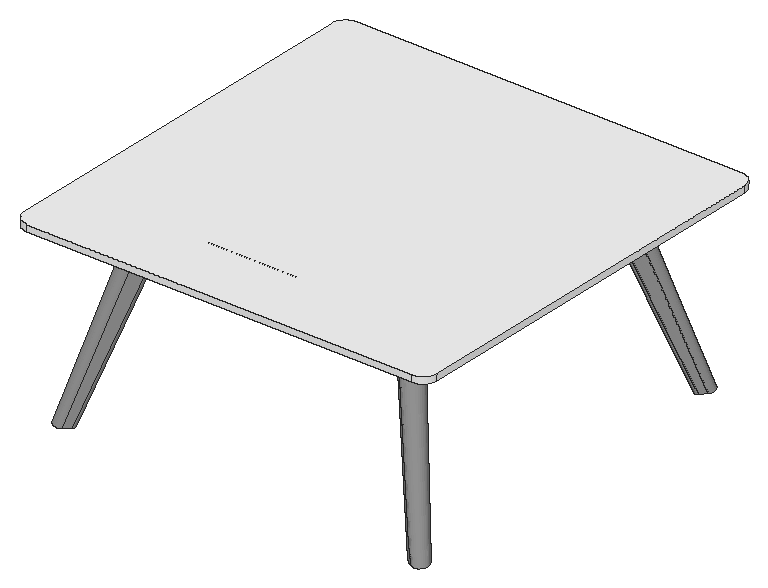
Revit family "GD1 Square Dining Height", category Furniture, Revit 2016
Family settings
  OmniClass Number = 23.40.20.00
  OmniClass Title = General Furniture and Specialties
  Work Plane-Based = No
  Always vertical = Yes
  Cut with Voids When Loaded = No
  Shared = No
  Room Calculation Point = No
Parameters (values of type "1600 x 1600")
  Width = 1600 mm
  URL = "www.gof.co.uk"
  Table Top = Gresham - White MFC
  Range = "GD1"
  Product Code = "GD1D1"
  Power Module = no
  Manufacturer = "Gresham Office Furniture"  # constant formula
  Frame = Gresham - Black Metal
  Assembly Code = "E2020200"
Types (7, lengths in mm): name | Width | Product Code | Power Module
  (no name) | 1600 | "GD1D1" | no
  1600 x 1600 | 1600 | "GD1D1" | no
  1200 x 1200 | 1200 | "GD1E1" | no
  1000 x 1000 | 1000 | "GD1F1" | no
  1000 x 1000 C/W Power | 1000 | "GD1F3" | yes
  1200 x 1200 C/W Power | 1200 | "GD1E3" | yes
  1600 x 1600 C/W Power | 1600 | "GD1D3" | yes
Reference planes
  plane 1 "Center (Front/Back)": y = 0
  plane 2: z = 0
  plane 3 "Center (Left/Right)": x = 0
  plane 4: x = 800
  plane 5: x = -800
  plane 6: y = 800
  plane 7: y = -800
  plane 8 "Foot": z = 10
  plane 9 "Table Underside": z = 704
Forms (mm)
  Extrusion 1, solid, material "Gresham - White MFC" <- "Table Top"
    sketch origin (0, 0, 704) x (-1, 0, 0) y (0, -1, 0)
      loop
        line (-745, -800) -> (745, -800)
        arc (745, -800) -> (783.891, -783.891) -> (800, -745) r 55
        line (800, -745) -> (800, 745)
        arc (800, 745) -> (783.891, 783.891) -> (745, 800) r 55
        line (745, 800) -> (-745, 800)
        arc (-745, 800) -> (-783.891, 783.891) -> (-800, 745) r 55
        line (-800, 745) -> (-800, -745)
        arc (-800, -745) -> (-783.891, -783.891) -> (-745, -800) r 55
    from 0 to 25
  Extrusion 2, solid, material "Gresham - Black Metal" <- "Frame", detail levels medium+fine
    sketch origin (-115.047, -191.305, -0.834) x (0, 1, 0) y (0, 0, 1)
      loop
        line (-214.939, 667.004) -> (-214.939, 637.004)
        arc (-214.939, 637.004) -> (-199.939, 622.004) -> (-184.939, 637.004) r 15
        line (-184.939, 637.004) -> (-184.939, 667.004)
        arc (-184.939, 667.004) -> (-199.939, 682.004) -> (-214.939, 667.004) r 15
    from -246.282 to 476.376
  Extrusion 3, solid, material "Gresham - Black Metal" <- "Frame", detail levels medium+fine
    sketch origin (-115.047, 191.305, -0.834) x (0, -1, 0) y (0, 0, -1)
      loop
        arc (-214.939, -667.004) -> (-199.939, -682.004) -> (-184.939, -667.004) r 15
        line (-184.939, -667.004) -> (-184.939, -637.004)
        arc (-184.939, -637.004) -> (-199.939, -622.004) -> (-214.939, -637.004) r 15
        line (-214.939, -637.004) -> (-214.939, -667.004)
    from -246.282 to 476.376
  Extrusion 4, solid, material "Gresham - Black Metal" <- "Frame", detail levels medium+fine
    sketch origin (-191.305, -115.047, -0.834) x (1, 0, 0) y (0, 0, -1)
      loop
        arc (-214.939, -667.004) -> (-199.939, -682.004) -> (-184.939, -667.004) r 15
        line (-184.939, -667.004) -> (-184.939, -637.004)
        arc (-184.939, -637.004) -> (-199.939, -622.004) -> (-214.939, -637.004) r 15
        line (-214.939, -637.004) -> (-214.939, -667.004)
    from -246.282 to 476.376
  Extrusion 5, solid, material "Gresham - Black Metal" <- "Frame", detail levels medium+fine
    sketch origin (191.305, -115.047, -0.834) x (-1, 0, 0) y (0, 0, 1)
      loop
        line (-214.939, 667.004) -> (-214.939, 637.004)
        arc (-214.939, 637.004) -> (-199.939, 622.004) -> (-184.939, 637.004) r 15
        line (-184.939, 637.004) -> (-184.939, 667.004)
        arc (-184.939, 667.004) -> (-199.939, 682.004) -> (-214.939, 667.004) r 15
    from -246.282 to 476.376
Dimensions and locks
  equal spacing: plane 5, plane 3 "Center (Left/Right)", plane 4
  "Width": plane 5 to plane 4
  equal spacing: plane 7, plane 1 "Center (Front/Back)", plane 6
  "Width": plane 7 to plane 6
  locked: plane 8 "Foot" to plane 2 at 10
  locked: plane 9 "Table Underside" to plane 2 at 704
  locked: Extrusion 1 to level at 729
  Extrusion 2 sketch curve to Extrusion 2 sketch curve = 30 mm
  locked: plane 7 to nested 1 at 190.919
  locked: plane 5 to nested 1 at 135
  nested 1 to plane 7 = 135 mm
  locked: plane 7 to nested 2 at 190.919
  locked: plane 6 to nested 3 at 190.919
  locked: plane 6 to nested 4 at 190.919
  Extrusion 3 sketch curve to Extrusion 3 sketch curve = 30 mm
  locked: Extrusion 3 to plane 4 at 438.671
  locked: plane 5 to Extrusion 3 at 438.671
  locked: plane 5 to Extrusion 2 at 438.671
  locked: Extrusion 2 to plane 4 at 438.671
  locked: Extrusion 2 to plane 7 at 393.757
  locked: plane 6 to Extrusion 3 at 393.757
  locked: Extrusion 4 to plane 6 at 438.671
  locked: Extrusion 4 to plane 7 at 438.671
  locked: Extrusion 4 to plane 5 at 393.757
  locked: plane 4 to Extrusion 5 at 393.757
  locked: Extrusion 5 to plane 6 at 438.671
  locked: plane 7 to Extrusion 5 at 438.671
  aligned and locked: level to plane 2
Automatic sketch dimensions
  Extrusion 1 sketch curve to plane 4 = 0 mm
  Extrusion 1 sketch curve to plane 7 = 0 mm
  plane 6 to Extrusion 1 sketch curve = 0 mm
  Extrusion 1 sketch curve to plane 5 = 0 mm
  Extrusion 1 sketch curve to plane 4 = 55 mm  (x2)
  plane 5 to Extrusion 1 sketch curve = 55 mm  (x2)
  Extrusion 2 sketch curve to plane 9 "Table Underside" = 37.83 mm
  plane 1 "Center (Front/Back)" to Extrusion 2 sketch curve = 406.243 mm
  Extrusion 2 sketch curve to Extrusion 2 sketch curve = 30 mm
  Extrusion 3 sketch curve to plane 9 "Table Underside" = 37.83 mm
  Extrusion 3 sketch curve to plane 1 "Center (Front/Back)" = 406.243 mm
  Extrusion 3 sketch curve to Extrusion 3 sketch curve = 30 mm
  Extrusion 4 sketch curve to plane 9 "Table Underside" = 37.83 mm
  Extrusion 4 sketch curve to plane 3 "Center (Left/Right)" = 406.243 mm
  Extrusion 4 sketch curve to Extrusion 4 sketch curve = 15 mm
  Extrusion 4 sketch curve to Extrusion 4 sketch curve = 30 mm
  Extrusion 5 sketch curve to plane 9 "Table Underside" = 37.83 mm
  plane 3 "Center (Left/Right)" to Extrusion 5 sketch curve = 406.243 mm
  Extrusion 5 sketch curve to Extrusion 5 sketch curve = 15 mm
  Extrusion 5 sketch curve to Extrusion 5 sketch curve = 30 mm
Nested families
  nested 1: "Dining Height Leg" at (200.329, -279.345, 0), type "Dining Height Leg", detail levels medium+fine
  nested 2: "Dining Height Leg" at (-200.329, -279.345, 0) x (-1, 0, 0) z (0, 0, 1), type "Dining Height Leg", detail levels medium+fine
  nested 3: "Dining Height Leg" at (200.329, 279.345, 0), type "Dining Height Leg", detail levels medium+fine
  nested 4: "Dining Height Leg" at (-200.329, 279.345, 0) x (-1, 0, 0) z (0, 0, 1), type "Dining Height Leg", detail levels medium+fine
  nested 5: "Power Module" at (0, 0, 0), visible <- "Power Module", type "Power Module", detail levels medium+fine
Definition of nested family "Dining Height Leg"
  Parameters (values of type "Dining Height Leg")
    Width = 2000 mm
    URL = "www.gof.co.uk"
    Range = "GD1"
    Product Code = ""
    Manufacturer = "Gresham Office Furniture"  # constant formula
    Leg Plate = none
    Leg = none
    Frame = none
    Foot = none
    Depth = 1000 mm
    Assembly Code = "E2020200"
  Reference planes
    plane 1 "Center (Front/Back)": y = 0
    plane 2: z = 0
    plane 3 "Center (Left/Right)": x = 0
    plane 4: x = -1000
    plane 5: x = 1000
    plane 6: y = 500
    plane 7: y = -500
  Forms (mm)
    Blend 1, solid, material <- "Leg"
      base sketch origin (0, 0, 10) x (-1, 0, 0) y (0, -1, 0)
        loop
          line (896.68, 370.671) -> (916.782, 392.997)
          arc (916.782, 392.997) -> (915.657, 435.982) -> (872.671, 437.108) r 31.234
          line (872.671, 437.108) -> (850.346, 417.006)
          arc (850.346, 417.006) -> (846.71, 409.121) -> (849.928, 401.056) r 10.998
          line (849.928, 401.056) -> (865.329, 385.655) -> (880.73, 370.254)
          arc (880.73, 370.254) -> (888.795, 367.036) -> (896.68, 370.671) r 10.998
      top sketch origin (0, 0, 704) x (-1, 0, 0) y (0, -1, 0)
        loop
          line (637.609, 203.812) -> (683.571, 157.85)
          arc (683.571, 157.85) -> (690.642, 154.921) -> (697.713, 157.85) r 10
          line (697.713, 157.85) -> (740.092, 200.228)
          arc (740.092, 200.228) -> (740.092, 260.332) -> (679.987, 260.332) r 42.5
          line (679.987, 260.332) -> (637.609, 217.954)
          arc (637.609, 217.954) -> (634.68, 210.883) -> (637.609, 203.812) r 10
      from 0 to -5
    Extrusion 2, solid, material <- "Leg Plate"
      sketch origin (0, 0, 704) x (-1, 0, 0) y (0, -1, 0)
        loop
          line (696.855, 156.991) -> (740.092, 200.228)
          arc (740.092, 200.228) -> (740.092, 260.332) -> (679.987, 260.332) r 42.5
          line (679.987, 260.332) -> (636.751, 217.095)
          arc (636.751, 217.095) -> (631.556, 213.625) -> (625.43, 212.406) r 16.01
          line (625.43, 212.406) -> (588.193, 212.406)
          arc (588.193, 212.406) -> (580.65, 208.975) -> (578.28, 201.036) r 10.007
          arc (578.28, 201.036) -> (612.304, 132.544) -> (680.795, 98.52) r 119.987
          arc (680.795, 98.52) -> (688.735, 100.891) -> (692.165, 108.433) r 10.007
          line (692.165, 108.433) -> (692.165, 145.67)
          arc (692.165, 145.67) -> (693.384, 151.797) -> (696.855, 156.991) r 16.01
      from 0 to -5
    Revolve 3, solid, material <- "Foot"
      sketch origin (0.262, -411.941, 0) x (1, 0, 0) y (0, 0, 1)
        loop
          line (-891.876, 10) -> (-891.876, 0) -> (-879.373, 0) -> (-879.373, 7.017) -> (-886.876, 7.017) -> (-886.876, 10) -> (-891.876, 10)
        axis (-891.876, 10) -> (-891.876, 0)
      angle from 0 to 360
    Extrusion 4, solid, material <- "Frame"
      sketch origin (-249.642, -609.237, 0) x (-0.707107, 0.707107, 0) y (0, 0, -1)
        loop
          arc (608.727, -636.17) -> (593.513, -620.956) -> (578.299, -636.17) r 15.214
          line (578.299, -636.17) -> (578.299, -666.17)
          arc (578.299, -666.17) -> (593.513, -681.384) -> (608.727, -666.17) r 15.214
          line (608.727, -666.17) -> (608.727, -636.17)
      from -79.83 to 20.17
    Extrusion 5, solid, material <- "Frame"
      sketch origin (102.07, -2.07, 10) x (-1, 0, 0) y (0, -1, 0)
        loop
          line (675.226, 79.83) -> (712.228, 79.83) -> (712.228, 98.023)
          arc (712.228, 98.023) -> (712.989, 101.85) -> (715.157, 105.094) r 10
          line (715.157, 105.094) -> (728.023, 117.96) -> (701.86, 144.123) -> (688.994, 131.257)
          arc (688.994, 131.257) -> (685.75, 129.089) -> (681.923, 128.328) r 10
          line (681.923, 128.328) -> (663.728, 128.328) -> (663.728, 91.328)
          arc (663.728, 91.328) -> (671.859, 87.96) -> (675.226, 79.83) r 11.498
      from 608.17 to 674.17
  Dimensions and locks
    equal spacing: plane 4, plane 3 "Center (Left/Right)", plane 5
    "Width": plane 4 to plane 5
    equal spacing: plane 6, plane 1 "Center (Front/Back)", plane 7
    "Depth": plane 6 to plane 7
    aligned and locked: level to plane 2
Definition of nested family "Power Module"
  Parameters (values of type "Power Module")
    URL = "www.gof.co.uk"
    Range = "GD1"
    Product Code = ""
    Power Module = none
    Manufacturer = "Gresham Office Furniture"  # constant formula
    Assembly Code = "E2020200"
  Reference planes
    plane 1 "Center (Front/Back)": y = 0
    plane 2: z = 0
    plane 3 "Center (Left/Right)": x = 0
    plane 4: x = 1000
    plane 5: x = -1000
    plane 6: y = 500
    plane 7: y = -500
    plane 8 "Foot": z = 10
    plane 9 "Table Underside": z = 704
  Forms (mm)
    Extrusion 1, solid, material <- "Power Module"
      sketch origin (415.968, 0, 729) x (-1, 0, 0) y (0, -1, 0)
        loop
          line (305.968, -52.5) -> (520.968, -52.5)
          arc (520.968, -52.5) -> (524.503, -51.036) -> (525.968, -47.5) r 5
          line (525.968, -47.5) -> (525.968, 47.5)
          arc (525.968, 47.5) -> (524.503, 51.036) -> (520.968, 52.5) r 5
          line (520.968, 52.5) -> (305.968, 52.5)
          arc (305.968, 52.5) -> (302.432, 51.036) -> (300.968, 47.5) r 5
          line (300.968, 47.5) -> (300.968, -47.5)
          arc (300.968, -47.5) -> (302.432, -51.036) -> (305.968, -52.5) r 5
        loop
          line (500.968, 0) -> (500.968, 34.5)
          arc (500.968, 34.5) -> (500.089, 36.621) -> (497.968, 37.5) r 3
          line (497.968, 37.5) -> (333.968, 37.5)
          arc (333.968, 37.5) -> (331.846, 36.621) -> (330.968, 34.5) r 3
          line (330.968, 34.5) -> (330.968, 0) -> (330.968, -34.5)
          arc (330.968, -34.5) -> (331.846, -36.621) -> (333.968, -37.5) r 3
          line (333.968, -37.5) -> (497.968, -37.5)
          arc (497.968, -37.5) -> (500.089, -36.621) -> (500.968, -34.5) r 3
          line (500.968, -34.5) -> (500.968, 0)
        loop
          line (333.968, -39.5) -> (497.968, -39.5)
          arc (497.968, -39.5) -> (501.503, -38.036) -> (502.968, -34.5) r 5
          line (502.968, -34.5) -> (502.968, 0) -> (502.968, 34.5)
          arc (502.968, 34.5) -> (501.503, 38.036) -> (497.968, 39.5) r 5
          line (497.968, 39.5) -> (333.968, 39.5)
          arc (333.968, 39.5) -> (330.432, 38.036) -> (328.968, 34.5) r 5
          line (328.968, 34.5) -> (328.968, 0) -> (328.968, -34.5)
          arc (328.968, -34.5) -> (330.432, -38.036) -> (333.968, -39.5) r 5
      from 0 to 3
  Dimensions and locks
    equal spacing: plane 5, plane 3 "Center (Left/Right)", plane 4
    plane 5 to plane 4 = 2000 mm
    equal spacing: plane 7, plane 1 "Center (Front/Back)", plane 6
    plane 7 to plane 6 = 1000 mm
    locked: plane 8 "Foot" to plane 2 at 10
    locked: plane 9 "Table Underside" to plane 2 at 704
    equal spacing: Extrusion 1 sketch curve, plane 1 "Center (Front/Back)", Extrusion 1 sketch curve
    locked: Extrusion 1 to Extrusion 1 at 225
    locked: Extrusion 1 to Extrusion 1 at 105
    equal spacing: Extrusion 1, plane 1 "Center (Front/Back)", Extrusion 1
    aligned and locked: level to plane 2
  Automatic sketch dimensions
    Extrusion 1 sketch curve to Extrusion 1 sketch curve = 0 mm  (x18)
    Extrusion 1 sketch curve to Extrusion 1 sketch curve = 5 mm  (x3)
    Extrusion 1 sketch curve to Extrusion 1 sketch curve = 23 mm
    Extrusion 1 sketch curve to Extrusion 1 sketch curve = 2 mm
    Extrusion 1 sketch curve to Extrusion 1 sketch curve = 3 mm  (x3)
    Extrusion 1 sketch curve to Extrusion 1 sketch curve = 164 mm
    Extrusion 1 sketch curve to Extrusion 1 sketch curve = 18 mm  (x2)
    Extrusion 1 sketch curve to Extrusion 1 sketch curve = 8 mm
    Extrusion 1 sketch curve to Extrusion 1 sketch curve = 34.5 mm  (x2)
    Extrusion 1 sketch curve to Extrusion 1 sketch curve = 13 mm
    plane 1 "Center (Front/Back)" to Extrusion 1 sketch curve = 0 mm
    plane 3 "Center (Left/Right)" to Extrusion 1 sketch curve = 115 mm
